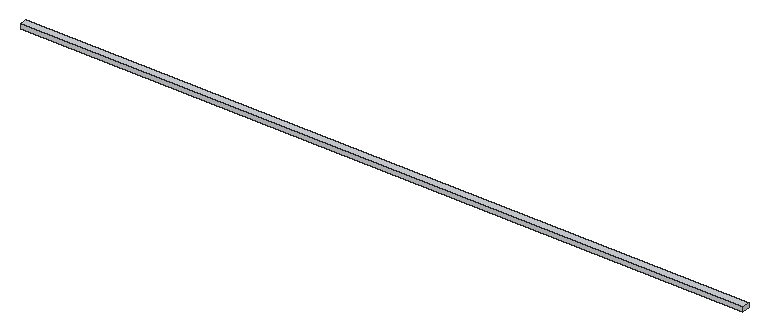
Revit family "MEGABRILLOSA 2835 IP20_S242128.U.1", category Luminarias, Revit 2019
Family settings
  Cota de conector redondo = Diámetro de uso
  Tipo de pieza = Normal
  Se basa en plano de trabajo = Sí
  Siempre vertical = No
  Corte con vacíos al cargar = No
  Origen de luz = Sí
  Compartido = No
  Punto de cálculo de habitación = No
Parameters (values of type "MEGABRILLOSA 2835 IP20_S242128.U.1")
  Tilt Angle = 60.00°
  Zone [instance] = ""
  Watt per fixture [instance] = (Longitud / 1000 mm) * (19.2)  # 19.2
  Wattage = 19.2 W
  built-in parameter 1150107 = 2700 (stored number, unit not read)
  built-in parameter 1150110 = 1 (stored number, unit not read)
  built-in parameter 1150109 = 1 (stored number, unit not read)
  built-in parameter 1150112 = 1 (stored number, unit not read)
  built-in parameter 1150113 = 1 (stored number, unit not read)
  built-in parameter 1114218 = 1 (stored number, unit not read)
  built-in parameter 1150142 = "IESNA:LM-63-1995\r\n[TEST]  \r\n[DATE] 2018/04/08\r\n[MANUFAC] BRILLANTE ILUMINACION\r\n[LUMCAT] S242128.U.1\r\n[LUMINAIRE]MEGABRILLOSA 2835 IP20\r\n[LAMPCAT] \r\n[LAMP] MEGABRILLOSA 2835 IP20  2700°K\r\n[BALLASTCAT] \r\n[BALLAST] \r\n[OTHER]  \r\n[More] Temprature:25 Humidity:40\r\n[More] Frequency:DC Voltage:24.0 Current:0.938 Power:22.5 PF:0.000\r\nTILT=NONE\r\n1 2883.100 1.000 13 13 2 2 0.0 1.0 0.0\r\n1.0 1.0 22.5\r\n-90.0 -75.0 -60.0 -45.0 -30.0 -15.0 0.0 15.0 30.0 45.0 60.0 75.0 90.0\r\n-90.0 -75.0 -60.0 -45.0 -30.0 -15.0 0.0 15.0 30.0 45.0 60.0 75.0 90.0\r\n1.788 1.788 1.788 1.788 1.788 1.788 1.788 1.788 1.788 1.788 1.788 1.788 1.788\r\n2.969 25.091 69.928 117.518 160.474 187.841 197.462 188.475 161.660 120.863 73.360 27.137 3.160\r\n3.110 67.809 183.822 301.190 394.982 454.516 476.063 458.620 403.112 313.377 198.117 79.187 4.661\r\n2.817 119.414 305.741 475.081 604.245 683.632 710.385 683.879 604.921 477.592 309.596 124.600 5.249\r\n2.668 151.225 386.819 595.151 752.913 850.956 885.931 856.688 764.409 613.397 410.609 176.629 5.931\r\n2.654 187.976 454.695 683.187 853.995 958.506 993.369 957.696 853.079 684.487 458.415 195.046 5.920\r\n2.601 185.402 461.743 699.882 879.381 990.675 1030.142 996.640 891.575 719.845 488.536 215.392 5.759\r\n2.587 187.032 454.186 683.434 854.609 959.419 994.391 958.647 853.801 684.841 458.351 194.386 5.627\r\n2.627 149.523 385.761 594.876 753.283 851.877 887.319 858.059 765.428 613.689 410.223 174.862 5.492\r\n2.718 116.913 303.597 474.177 604.157 684.220 711.445 684.863 605.452 477.410 308.417 122.426 4.754\r\n2.792 64.616 180.824 298.525 392.759 452.799 475.051 457.757 401.865 311.463 195.539 76.633 3.522\r\n3.023 25.715 69.734 117.861 159.809 187.921 198.180 189.036 161.766 120.323 72.080 27.432 2.491\r\n1.817 1.817 1.817 1.817 1.817 1.817 1.817 1.817 1.817 1.817 1.817 1.817 1.817\r\n"
  built-in parameter 1150137 = (empty or 0)
  built-in parameter 1150132 = (empty or 0)
  Modelo = "S242128.U.1"
  Lámpara = "2835 SMD"
  Longitud de línea de emisión = 600 mm
  Longitud [instance] = 1000 mm
  built-in parameter 1150105 = 198.63 (stored number, unit not read)
  built-in parameter 1150102 = (empty or 0)
  built-in parameter 1150106 = 1.9863 (stored number, unit not read)
  Lumens = 2496 lm
  Color Filter = 16777215
  built-in parameter 1114217 = 1 (stored number, unit not read)
  built-in parameter 1150139 = (empty or 0)
  Fabricante = "BRILLANT"
  Default Elevation = 0 mm
  built-in parameter 1150104 = 12.077 (stored number, unit not read)
  Descripción = "TIRA LED MEGA BRILLOSA 10MM DE ANCHO IP20 USO PARA INTERIORES, DE PCB BLANCO SIN RECUBRIMIENTO, MONO CROMATICA, CON UNA POTENCIA DE 19.2W/M DE UN TIPO DE LED 2835 SMD, IRC80, 128 LEDS POR METRO, PRESENTACION DE 5M, TEMPERATURA EN BLANCO ULTRA CALIDO 2700K, 2496 LUMENES POR METRO, EFICIENCIA DE 130 LM/W, CORTE A 6.25CM, ALIMENTADA A 24V, REQUIERE ACCESORIOS COMO FUENTE DE PODER Y CABLE DE ALIMENTACION. PERFIL EN CASO DE SER NECESARIO."
  built-in parameter 1150115 = 1 (stored number, unit not read)
  built-in parameter 1150114 = 1 (stored number, unit not read)
  Costo USD_S242128 [instance] = (Longitud / 1000 mm) * (30)  # 30
  Cost = 0
  Comentarios de vataje = "24V"
  built-in parameter 1150138 = (empty or 0)
  built-in parameter 1150134 = (empty or 0)
  Circuit [instance] = ""
  Dimming Lamp Color Temperature Shift = (empty or 0)
  Archivo de red fotométrica = "S242128.U.1.IES"
  Ancho = 10 mm
  built-in parameter 1150133 = 10 (stored number, unit not read)
Reference planes
  plane 1 "Centro (Frontal/Posterior)": y = 0
  plane 2: z = 0
  plane 3 "Centro (Izquierda/Derecha)": x = 0
  plane 4: x = 0
  plane 5: z = 12
  plane 6: x = -1000
  plane 7: y = 5
  plane 8: y = -5
Forms (mm)
  Extrusion 1, solid
    sketch origin (0, 0, 0) x (1, 0, 0) y (0, 1, 0)
      loop
        line (-1000, 5) -> (-1000, -5) -> (0, -5) -> (0, 5) -> (-1000, 5)
    from 0 to 6.038
Dimensions and locks
  "Longitud": plane 6 to plane 4
  equal spacing: plane 7, plane 1 "Centro (Frontal/Posterior)", plane 8
  plane 1 "Centro (Frontal/Posterior)" to plane 7 = 5 mm
  "Ancho": plane 7 to plane 8
  "Longitud": plane 6 to plane 3 "Centro (Izquierda/Derecha)"
  aligned and locked: level to plane 2
  aligned and locked: Extrusion 1 to plane 4
  aligned and locked: plane 6 to Extrusion 1
  aligned and locked: plane 3 "Centro (Izquierda/Derecha)" to Extrusion 1
  aligned and locked: Extrusion 1 to plane 7
  aligned and locked: Extrusion 1 to plane 8
Automatic sketch dimensions
  Extrusion 1 sketch curve to plane 6 = 0 mm
  Extrusion 1 sketch curve to plane 3 "Centro (Izquierda/Derecha)" = 0 mm
  plane 1 "Centro (Frontal/Posterior)" to Extrusion 1 sketch curve = 5 mm
  Extrusion 1 sketch curve to plane 1 "Centro (Frontal/Posterior)" = 5 mm
Connectors
  electrical at (0, 0, 3.019)
    settings: on Extrusion 1, index 1, voltage 24 V, apparent load 0 VA, apparent load phase1 0 VA, apparent load phase2 0 VA, apparent load phase3 0 VA, power factor 1, load classification "Otro", number of poles 1, system type 31, power factor state 1, is connector primary yes, connector utility no, sub classification motor no, connector description ""
